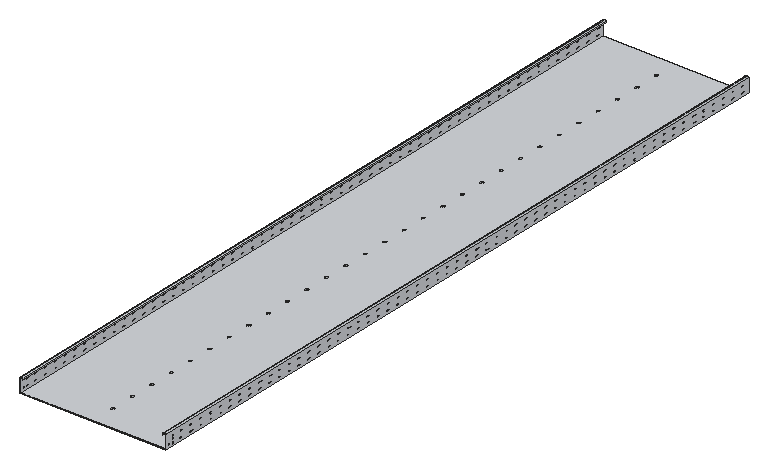
Revit family "Kabelrinne RKSM FT_615_620_630_640_650_660", category Generic Models, Revit 2017
Family settings
  Can host rebar = No
  Round Connector Dimension = Use Diameter
  Part Type = Normal
  Work Plane-Based = No
  Always vertical = Yes
  Cut with Voids When Loaded = No
  Shared = No
  Room Calculation Point = No
Parameters (values of type "RKSM 660 FT")
  Width 1 = Width / 2  # 300 mm
  Width = 600 mm
  URL = "http://www.obo-bettermann.com"
  Material = Hot-dip galvanised
  Manufacturer Art.No. = "6047736"
  Manufacturer = "OBO BETTERMANN"
  Length = 3000 mm
  GTIN = "4012195903994"
  Cut's space 2 = 50.8 mm
  Cut's space = 101.7 mm
  Cut's number 3 = (Length / Cut's space 2) - 1  # 58
  Cut's number 2 = 2
  Cut's number = Length / Cut's space  # 29
  Article Type = "RKSM 660 FT"
Reference planes
  plane 1 "Center (Front/Back)": y = 0
  plane 2: z = 0
  plane 3 "Center (Left/Right)": x = 0
  plane 4: z = 60
  plane 5: z = 51
  plane 6: x = -25
  plane 7: x = -25
  plane 8: z = -2.65
  plane 9: z = -3.65
  plane 10: y = 3000
  plane 11: y = 82.8
  plane 12: y = 133.6
  plane 13: x = 299
  plane 14: x = 300
  plane 15: x = -300
  plane 16: x = -299
  plane 17: x = -299
  plane 18: x = -300
  plane 19: x = -299
  plane 20: x = -300
  plane 21: x = -300
  plane 22: x = -299
  plane 23: x = 300
  plane 24: x = 299
  plane 25: x = -300
  plane 26: x = -299
Forms (mm)
  Extrusion 1, solid
    sketch origin (0, 0, 0) x (1, 0, 0) y (0, 0, 1)
      loop
        line (-300, 0) -> (300, 0) -> (300, 54.088)
        arc (300, 54.088) -> (294, 60.088) -> (288, 54.088) r 6
        line (288, 54.088) -> (288, 51) -> (289, 51) -> (289, 54.088)
        arc (289, 54.088) -> (294, 59.088) -> (299, 54.088) r 5
        line (299, 54.088) -> (299, 1) -> (-299, 1) -> (-299, 54.218)
        arc (-299, 54.218) -> (-294, 59.218) -> (-289, 54.218) r 5
        line (-289, 54.218) -> (-289, 51) -> (-288, 51) -> (-288, 54.218)
        arc (-288, 54.218) -> (-294, 60.218) -> (-300, 54.218) r 6
        line (-300, 54.218) -> (-300, 0)
    from 0 to -3000
  Extrusion 2, solid, not visible
    sketch origin (0, 0, 0) x (1, 0, 0) y (0, 1, 0)
      loop
        arc (-34.045, -114.18) -> (-25, -123.225) -> (-15.955, -114.18) r 9.045
        line (-15.955, -114.18) -> (-15.955, -89.18)
        arc (-15.955, -89.18) -> (-25, -80.135) -> (-34.045, -89.18) r 9.045
        line (-34.045, -89.18) -> (-34.045, -114.18)
    from -2.65 to 0
  Extrusion 3, void, not visible
    sketch origin (0, 0, 0) x (1, 0, 0) y (0, 1, 0)
      loop
        arc (-28.5, -114.18) -> (-25, -117.68) -> (-21.5, -114.18) r 3.5
        line (-21.5, -114.18) -> (-21.5, -89.18)
        arc (-21.5, -89.18) -> (-25, -85.68) -> (-28.5, -89.18) r 3.5
        line (-28.5, -89.18) -> (-28.5, -114.18)
    from -3.65 to 1
  Extrusion 4, void, not visible
    sketch origin (0, 0, 0) x (0, 1, 0) y (0, 0, 1)
      loop
        arc (-82.76, 16) -> (-86.26, 12.5) -> (-82.76, 9) r 3.5
        line (-82.76, 9) -> (-69.76, 9)
        arc (-69.76, 9) -> (-66.26, 12.5) -> (-69.76, 16) r 3.5
        line (-69.76, 16) -> (-82.76, 16)
    from 49 to 50
  Extrusion 5, void
    sketch origin (-225, 0, 0) x (0, 1, 0) y (0, 0, 1)
      loop
        line (82.8, 16) -> (69.8, 16)
        arc (69.8, 16) -> (66.3, 12.5) -> (69.8, 9) r 3.5
        line (69.8, 9) -> (82.8, 9)
        arc (82.8, 9) -> (86.3, 12.5) -> (82.8, 16) r 3.5
    from -75 to -74
  Extrusion 6, void, not visible
    sketch origin (25, 0, 0) x (0, 1, 0) y (0, 0, 1)
      loop
        line (82.76, 16) -> (69.76, 16)
        arc (69.76, 16) -> (66.26, 12.5) -> (69.76, 9) r 3.5
        line (69.76, 9) -> (82.76, 9)
        arc (82.76, 9) -> (86.26, 12.5) -> (82.76, 16) r 3.5
    from -75 to -74
  Extrusion 7, void, not visible
    sketch origin (-25, 0, 0) x (0, 1, 0) y (0, 0, 1)
      loop
        arc (69.76, 15.998) -> (66.26, 12.498) -> (69.76, 8.998) r 3.5
        line (69.76, 8.998) -> (82.76, 8.998)
        arc (82.76, 8.998) -> (86.26, 12.498) -> (82.76, 15.998) r 3.5
        line (82.76, 15.998) -> (69.76, 15.998)
    from 74 to 75
  Extrusion 8, void
    sketch origin (-225, 0, 25) x (0, 1, 0) y (0, 0, 1)
      loop
        line (82.8, 16) -> (69.8, 16)
        arc (69.8, 16) -> (66.3, 12.5) -> (69.8, 9) r 3.5
        line (69.8, 9) -> (82.8, 9)
        arc (82.8, 9) -> (86.3, 12.5) -> (82.8, 16) r 3.5
    from -75 to -74
  Extrusion 9, void, not visible
    sketch origin (25, 0, 0) x (0, 1, 0) y (0, 0, 1)
      loop
        line (82.8, 16) -> (69.8, 16)
        arc (69.8, 16) -> (66.3, 12.5) -> (69.8, 9) r 3.5
        line (69.8, 9) -> (82.8, 9)
        arc (82.8, 9) -> (86.3, 12.5) -> (82.8, 16) r 3.5
    from -75 to -74
  Extrusion 10, void
    sketch origin (230, 0, 0) x (0, 1, 0) y (0, 0, 1)
      loop
        arc (69.8, 16) -> (66.3, 12.5) -> (69.8, 9) r 3.5
        line (69.8, 9) -> (82.8, 9)
        arc (82.8, 9) -> (86.3, 12.5) -> (82.8, 16) r 3.5
        line (82.8, 16) -> (69.8, 16)
    from 69 to 70
  Extrusion 11, void
    sketch origin (230, 0, 25) x (0, 1, 0) y (0, 0, 1)
      loop
        arc (69.8, 16) -> (66.3, 12.5) -> (69.8, 9) r 3.5
        line (69.8, 9) -> (82.8, 9)
        arc (82.8, 9) -> (86.3, 12.5) -> (82.8, 16) r 3.5
        line (82.8, 16) -> (69.8, 16)
    from 69 to 70
  Extrusion 12, void, not visible
    sketch origin (0, 0, 0) x (0, 1, 0) y (0, 0, 1)
      loop
        arc (69.8, 16) -> (66.3, 12.5) -> (69.8, 9) r 3.5
        line (69.8, 9) -> (82.8, 9)
        arc (82.8, 9) -> (86.3, 12.5) -> (82.8, 16) r 3.5
        line (82.8, 16) -> (69.8, 16)
    from 69 to 70
  Extrusion 13, void
    sketch origin (230, 50.8, 0) x (0, 1, 0) y (0, 0, 1)
      loop
        arc (69.8, 16) -> (66.3, 12.5) -> (69.8, 9) r 3.5
        line (69.8, 9) -> (82.8, 9)
        arc (82.8, 9) -> (86.3, 12.5) -> (82.8, 16) r 3.5
        line (82.8, 16) -> (69.8, 16)
    from 69 to 70
  Extrusion 14, void
    sketch origin (230, 50.8, 25) x (0, 1, 0) y (0, 0, 1)
      loop
        arc (69.8, 16) -> (66.3, 12.5) -> (69.8, 9) r 3.5
        line (69.8, 9) -> (82.8, 9)
        arc (82.8, 9) -> (86.3, 12.5) -> (82.8, 16) r 3.5
        line (82.8, 16) -> (69.8, 16)
    from 69 to 70
  Extrusion 15, void
    sketch origin (230, 101.6, 0) x (0, 1, 0) y (0, 0, 1)
      loop
        arc (69.8, 16) -> (66.3, 12.5) -> (69.8, 9) r 3.5
        line (69.8, 9) -> (82.8, 9)
        arc (82.8, 9) -> (86.3, 12.5) -> (82.8, 16) r 3.5
        line (82.8, 16) -> (69.8, 16)
    from 69 to 70
  Extrusion 16, void
    sketch origin (230, 101.6, 25) x (0, 1, 0) y (0, 0, 1)
      loop
        arc (69.8, 16) -> (66.3, 12.5) -> (69.8, 9) r 3.5
        line (69.8, 9) -> (82.8, 9)
        arc (82.8, 9) -> (86.3, 12.5) -> (82.8, 16) r 3.5
        line (82.8, 16) -> (69.8, 16)
    from 69 to 70
  Extrusion 17, void
    sketch origin (230, 152.4, 0) x (0, 1, 0) y (0, 0, 1)
      loop
        arc (69.8, 16) -> (66.3, 12.5) -> (69.8, 9) r 3.5
        line (69.8, 9) -> (82.8, 9)
        arc (82.8, 9) -> (86.3, 12.5) -> (82.8, 16) r 3.5
        line (82.8, 16) -> (69.8, 16)
    from 69 to 70
  Extrusion 18, void
    sketch origin (230, 152.4, 25) x (0, 1, 0) y (0, 0, 1)
      loop
        arc (69.8, 16) -> (66.3, 12.5) -> (69.8, 9) r 3.5
        line (69.8, 9) -> (82.8, 9)
        arc (82.8, 9) -> (86.3, 12.5) -> (82.8, 16) r 3.5
        line (82.8, 16) -> (69.8, 16)
    from 69 to 70
  Extrusion 19, void
    sketch origin (-225, 50.8, 0) x (0, 1, 0) y (0, 0, 1)
      loop
        line (82.8, 16) -> (69.8, 16)
        arc (69.8, 16) -> (66.3, 12.5) -> (69.8, 9) r 3.5
        line (69.8, 9) -> (82.8, 9)
        arc (82.8, 9) -> (86.3, 12.5) -> (82.8, 16) r 3.5
    from -75 to -74
  Extrusion 20, void
    sketch origin (-225, 50.8, 25) x (0, 1, 0) y (0, 0, 1)
      loop
        line (82.8, 16) -> (69.8, 16)
        arc (69.8, 16) -> (66.3, 12.5) -> (69.8, 9) r 3.5
        line (69.8, 9) -> (82.8, 9)
        arc (82.8, 9) -> (86.3, 12.5) -> (82.8, 16) r 3.5
    from -75 to -74
  Extrusion 21, void
    sketch origin (-225, 101.6, 0) x (0, 1, 0) y (0, 0, 1)
      loop
        line (82.8, 16) -> (69.8, 16)
        arc (69.8, 16) -> (66.3, 12.5) -> (69.8, 9) r 3.5
        line (69.8, 9) -> (82.8, 9)
        arc (82.8, 9) -> (86.3, 12.5) -> (82.8, 16) r 3.5
    from -75 to -74
  Extrusion 22, void
    sketch origin (-225, 101.6, 25) x (0, 1, 0) y (0, 0, 1)
      loop
        line (82.8, 16) -> (69.8, 16)
        arc (69.8, 16) -> (66.3, 12.5) -> (69.8, 9) r 3.5
        line (69.8, 9) -> (82.8, 9)
        arc (82.8, 9) -> (86.3, 12.5) -> (82.8, 16) r 3.5
    from -75 to -74
  Extrusion 23, void
    sketch origin (-225, 152.4, 0) x (0, 1, 0) y (0, 0, 1)
      loop
        line (82.8, 16) -> (69.8, 16)
        arc (69.8, 16) -> (66.3, 12.5) -> (69.8, 9) r 3.5
        line (69.8, 9) -> (82.8, 9)
        arc (82.8, 9) -> (86.3, 12.5) -> (82.8, 16) r 3.5
    from -75 to -74
  Extrusion 24, void
    sketch origin (-225, 152.4, 25) x (0, 1, 0) y (0, 0, 1)
      loop
        line (82.8, 16) -> (69.8, 16)
        arc (69.8, 16) -> (66.3, 12.5) -> (69.8, 9) r 3.5
        line (69.8, 9) -> (82.8, 9)
        arc (82.8, 9) -> (86.3, 12.5) -> (82.8, 16) r 3.5
    from -75 to -74
  Extrusion 25, void
    sketch origin (-225, 203.2, 0) x (0, 1, 0) y (0, 0, 1)
      loop
        line (82.8, 16) -> (69.8, 16)
        arc (69.8, 16) -> (66.3, 12.5) -> (69.8, 9) r 3.5
        line (69.8, 9) -> (82.8, 9)
        arc (82.8, 9) -> (86.3, 12.5) -> (82.8, 16) r 3.5
    from -75 to -74
  Extrusion 26, void
    sketch origin (-225, 203.2, 25) x (0, 1, 0) y (0, 0, 1)
      loop
        line (82.8, 16) -> (69.8, 16)
        arc (69.8, 16) -> (66.3, 12.5) -> (69.8, 9) r 3.5
        line (69.8, 9) -> (82.8, 9)
        arc (82.8, 9) -> (86.3, 12.5) -> (82.8, 16) r 3.5
    from -75 to -74
  Extrusion 27, void
    sketch origin (230, 203.2, 0) x (0, 1, 0) y (0, 0, 1)
      loop
        arc (69.8, 16) -> (66.3, 12.5) -> (69.8, 9) r 3.5
        line (69.8, 9) -> (82.8, 9)
        arc (82.8, 9) -> (86.3, 12.5) -> (82.8, 16) r 3.5
        line (82.8, 16) -> (69.8, 16)
    from 69 to 70
  Extrusion 28, void
    sketch origin (230, 203.2, 25) x (0, 1, 0) y (0, 0, 1)
      loop
        arc (69.8, 16) -> (66.3, 12.5) -> (69.8, 9) r 3.5
        line (69.8, 9) -> (82.8, 9)
        arc (82.8, 9) -> (86.3, 12.5) -> (82.8, 16) r 3.5
        line (82.8, 16) -> (69.8, 16)
    from 69 to 70
  Extrusion 29, void
    sketch origin (-225, 254, 0) x (0, 1, 0) y (0, 0, 1)
      loop
        line (82.8, 16) -> (69.8, 16)
        arc (69.8, 16) -> (66.3, 12.5) -> (69.8, 9) r 3.5
        line (69.8, 9) -> (82.8, 9)
        arc (82.8, 9) -> (86.3, 12.5) -> (82.8, 16) r 3.5
    from -75 to -74
  Extrusion 30, void
    sketch origin (-225, 254, 25) x (0, 1, 0) y (0, 0, 1)
      loop
        line (82.8, 16) -> (69.8, 16)
        arc (69.8, 16) -> (66.3, 12.5) -> (69.8, 9) r 3.5
        line (69.8, 9) -> (82.8, 9)
        arc (82.8, 9) -> (86.3, 12.5) -> (82.8, 16) r 3.5
    from -75 to -74
  Extrusion 31, void
    sketch origin (-225, 304.8, 0) x (0, 1, 0) y (0, 0, 1)
      loop
        line (82.8, 16) -> (69.8, 16)
        arc (69.8, 16) -> (66.3, 12.5) -> (69.8, 9) r 3.5
        line (69.8, 9) -> (82.8, 9)
        arc (82.8, 9) -> (86.3, 12.5) -> (82.8, 16) r 3.5
    from -75 to -74
  Extrusion 32, void
    sketch origin (-225, 304.8, 25) x (0, 1, 0) y (0, 0, 1)
      loop
        line (82.8, 16) -> (69.8, 16)
        arc (69.8, 16) -> (66.3, 12.5) -> (69.8, 9) r 3.5
        line (69.8, 9) -> (82.8, 9)
        arc (82.8, 9) -> (86.3, 12.5) -> (82.8, 16) r 3.5
    from -75 to -74
  Extrusion 33, void
    sketch origin (-225, 355.6, 0) x (0, 1, 0) y (0, 0, 1)
      loop
        line (82.8, 16) -> (69.8, 16)
        arc (69.8, 16) -> (66.3, 12.5) -> (69.8, 9) r 3.5
        line (69.8, 9) -> (82.8, 9)
        arc (82.8, 9) -> (86.3, 12.5) -> (82.8, 16) r 3.5
    from -75 to -74
  Extrusion 34, void
    sketch origin (-225, 355.6, 25) x (0, 1, 0) y (0, 0, 1)
      loop
        line (82.8, 16) -> (69.8, 16)
        arc (69.8, 16) -> (66.3, 12.5) -> (69.8, 9) r 3.5
        line (69.8, 9) -> (82.8, 9)
        arc (82.8, 9) -> (86.3, 12.5) -> (82.8, 16) r 3.5
    from -75 to -74
  Extrusion 35, void
    sketch origin (-225, 406.4, 0) x (0, 1, 0) y (0, 0, 1)
      loop
        line (82.8, 16) -> (69.8, 16)
        arc (69.8, 16) -> (66.3, 12.5) -> (69.8, 9) r 3.5
        line (69.8, 9) -> (82.8, 9)
        arc (82.8, 9) -> (86.3, 12.5) -> (82.8, 16) r 3.5
    from -75 to -74
  Extrusion 36, void
    sketch origin (-225, 406.4, 25) x (0, 1, 0) y (0, 0, 1)
      loop
        line (82.8, 16) -> (69.8, 16)
        arc (69.8, 16) -> (66.3, 12.5) -> (69.8, 9) r 3.5
        line (69.8, 9) -> (82.8, 9)
        arc (82.8, 9) -> (86.3, 12.5) -> (82.8, 16) r 3.5
    from -75 to -74
  Extrusion 37, void
    sketch origin (-225, 457.2, 0) x (0, 1, 0) y (0, 0, 1)
      loop
        line (82.8, 16) -> (69.8, 16)
        arc (69.8, 16) -> (66.3, 12.5) -> (69.8, 9) r 3.5
        line (69.8, 9) -> (82.8, 9)
        arc (82.8, 9) -> (86.3, 12.5) -> (82.8, 16) r 3.5
    from -75 to -74
  Extrusion 38, void
    sketch origin (-225, 457.2, 25) x (0, 1, 0) y (0, 0, 1)
      loop
        line (82.8, 16) -> (69.8, 16)
        arc (69.8, 16) -> (66.3, 12.5) -> (69.8, 9) r 3.5
        line (69.8, 9) -> (82.8, 9)
        arc (82.8, 9) -> (86.3, 12.5) -> (82.8, 16) r 3.5
    from -75 to -74
  Extrusion 39, void
    sketch origin (-225, 508, 0) x (0, 1, 0) y (0, 0, 1)
      loop
        line (82.8, 16) -> (69.8, 16)
        arc (69.8, 16) -> (66.3, 12.5) -> (69.8, 9) r 3.5
        line (69.8, 9) -> (82.8, 9)
        arc (82.8, 9) -> (86.3, 12.5) -> (82.8, 16) r 3.5
    from -75 to -74
  Extrusion 40, void
    sketch origin (-225, 508, 25) x (0, 1, 0) y (0, 0, 1)
      loop
        line (82.8, 16) -> (69.8, 16)
        arc (69.8, 16) -> (66.3, 12.5) -> (69.8, 9) r 3.5
        line (69.8, 9) -> (82.8, 9)
        arc (82.8, 9) -> (86.3, 12.5) -> (82.8, 16) r 3.5
    from -75 to -74
  Extrusion 41, void
    sketch origin (-225, 558.8, 0) x (0, 1, 0) y (0, 0, 1)
      loop
        line (82.8, 16) -> (69.8, 16)
        arc (69.8, 16) -> (66.3, 12.5) -> (69.8, 9) r 3.5
        line (69.8, 9) -> (82.8, 9)
        arc (82.8, 9) -> (86.3, 12.5) -> (82.8, 16) r 3.5
    from -75 to -74
  Extrusion 42, void
    sketch origin (-225, 558.8, 25) x (0, 1, 0) y (0, 0, 1)
      loop
        line (82.8, 16) -> (69.8, 16)
        arc (69.8, 16) -> (66.3, 12.5) -> (69.8, 9) r 3.5
        line (69.8, 9) -> (82.8, 9)
        arc (82.8, 9) -> (86.3, 12.5) -> (82.8, 16) r 3.5
    from -75 to -74
  Extrusion 43, void
    sketch origin (-225, 609.6, 0) x (0, 1, 0) y (0, 0, 1)
      loop
        line (82.8, 16) -> (69.8, 16)
        arc (69.8, 16) -> (66.3, 12.5) -> (69.8, 9) r 3.5
        line (69.8, 9) -> (82.8, 9)
        arc (82.8, 9) -> (86.3, 12.5) -> (82.8, 16) r 3.5
    from -75 to -74
  Extrusion 44, void
    sketch origin (-225, 609.6, 25) x (0, 1, 0) y (0, 0, 1)
      loop
        line (82.8, 16) -> (69.8, 16)
        arc (69.8, 16) -> (66.3, 12.5) -> (69.8, 9) r 3.5
        line (69.8, 9) -> (82.8, 9)
        arc (82.8, 9) -> (86.3, 12.5) -> (82.8, 16) r 3.5
    from -75 to -74
  Extrusion 45, void
    sketch origin (-225, 660.4, 0) x (0, 1, 0) y (0, 0, 1)
      loop
        line (82.8, 16) -> (69.8, 16)
        arc (69.8, 16) -> (66.3, 12.5) -> (69.8, 9) r 3.5
        line (69.8, 9) -> (82.8, 9)
        arc (82.8, 9) -> (86.3, 12.5) -> (82.8, 16) r 3.5
    from -75 to -74
  Extrusion 46, void
    sketch origin (-225, 660.4, 25) x (0, 1, 0) y (0, 0, 1)
      loop
        line (82.8, 16) -> (69.8, 16)
        arc (69.8, 16) -> (66.3, 12.5) -> (69.8, 9) r 3.5
        line (69.8, 9) -> (82.8, 9)
        arc (82.8, 9) -> (86.3, 12.5) -> (82.8, 16) r 3.5
    from -75 to -74
  Extrusion 47, void
    sketch origin (-225, 711.2, 0) x (0, 1, 0) y (0, 0, 1)
      loop
        line (82.8, 16) -> (69.8, 16)
        arc (69.8, 16) -> (66.3, 12.5) -> (69.8, 9) r 3.5
        line (69.8, 9) -> (82.8, 9)
        arc (82.8, 9) -> (86.3, 12.5) -> (82.8, 16) r 3.5
    from -75 to -74
  Extrusion 48, void
    sketch origin (-225, 711.2, 25) x (0, 1, 0) y (0, 0, 1)
      loop
        line (82.8, 16) -> (69.8, 16)
        arc (69.8, 16) -> (66.3, 12.5) -> (69.8, 9) r 3.5
        line (69.8, 9) -> (82.8, 9)
        arc (82.8, 9) -> (86.3, 12.5) -> (82.8, 16) r 3.5
    from -75 to -74
  Extrusion 49, void
    sketch origin (-225, 762, 0) x (0, 1, 0) y (0, 0, 1)
      loop
        line (82.8, 16) -> (69.8, 16)
        arc (69.8, 16) -> (66.3, 12.5) -> (69.8, 9) r 3.5
        line (69.8, 9) -> (82.8, 9)
        arc (82.8, 9) -> (86.3, 12.5) -> (82.8, 16) r 3.5
    from -75 to -74
  Extrusion 50, void
    sketch origin (-225, 762, 25) x (0, 1, 0) y (0, 0, 1)
      loop
        line (82.8, 16) -> (69.8, 16)
        arc (69.8, 16) -> (66.3, 12.5) -> (69.8, 9) r 3.5
        line (69.8, 9) -> (82.8, 9)
        arc (82.8, 9) -> (86.3, 12.5) -> (82.8, 16) r 3.5
    from -75 to -74
  Extrusion 51, void
    sketch origin (-225, 812.8, 0) x (0, 1, 0) y (0, 0, 1)
      loop
        line (82.8, 16) -> (69.8, 16)
        arc (69.8, 16) -> (66.3, 12.5) -> (69.8, 9) r 3.5
        line (69.8, 9) -> (82.8, 9)
        arc (82.8, 9) -> (86.3, 12.5) -> (82.8, 16) r 3.5
    from -75 to -74
  Extrusion 52, void
    sketch origin (-225, 812.8, 25) x (0, 1, 0) y (0, 0, 1)
      loop
        line (82.8, 16) -> (69.8, 16)
        arc (69.8, 16) -> (66.3, 12.5) -> (69.8, 9) r 3.5
        line (69.8, 9) -> (82.8, 9)
        arc (82.8, 9) -> (86.3, 12.5) -> (82.8, 16) r 3.5
    from -75 to -74
  Extrusion 53, void
    sketch origin (-225, 863.6, 0) x (0, 1, 0) y (0, 0, 1)
      loop
        line (82.8, 16) -> (69.8, 16)
        arc (69.8, 16) -> (66.3, 12.5) -> (69.8, 9) r 3.5
        line (69.8, 9) -> (82.8, 9)
        arc (82.8, 9) -> (86.3, 12.5) -> (82.8, 16) r 3.5
    from -75 to -74
  Extrusion 54, void
    sketch origin (-225, 863.6, 25) x (0, 1, 0) y (0, 0, 1)
      loop
        line (82.8, 16) -> (69.8, 16)
        arc (69.8, 16) -> (66.3, 12.5) -> (69.8, 9) r 3.5
        line (69.8, 9) -> (82.8, 9)
        arc (82.8, 9) -> (86.3, 12.5) -> (82.8, 16) r 3.5
    from -75 to -74
  Extrusion 55, void
    sketch origin (-225, 914.4, 0) x (0, 1, 0) y (0, 0, 1)
      loop
        line (82.8, 16) -> (69.8, 16)
        arc (69.8, 16) -> (66.3, 12.5) -> (69.8, 9) r 3.5
        line (69.8, 9) -> (82.8, 9)
        arc (82.8, 9) -> (86.3, 12.5) -> (82.8, 16) r 3.5
    from -75 to -74
  Extrusion 56, void
    sketch origin (-225, 914.4, 25) x (0, 1, 0) y (0, 0, 1)
      loop
        line (82.8, 16) -> (69.8, 16)
        arc (69.8, 16) -> (66.3, 12.5) -> (69.8, 9) r 3.5
        line (69.8, 9) -> (82.8, 9)
        arc (82.8, 9) -> (86.3, 12.5) -> (82.8, 16) r 3.5
    from -75 to -74
  Extrusion 57, void
    sketch origin (-225, 965.2, 0) x (0, 1, 0) y (0, 0, 1)
      loop
        line (82.8, 16) -> (69.8, 16)
        arc (69.8, 16) -> (66.3, 12.5) -> (69.8, 9) r 3.5
        line (69.8, 9) -> (82.8, 9)
        arc (82.8, 9) -> (86.3, 12.5) -> (82.8, 16) r 3.5
    from -75 to -74
  Extrusion 58, void
    sketch origin (-225, 965.2, 25) x (0, 1, 0) y (0, 0, 1)
      loop
        line (82.8, 16) -> (69.8, 16)
        arc (69.8, 16) -> (66.3, 12.5) -> (69.8, 9) r 3.5
        line (69.8, 9) -> (82.8, 9)
        arc (82.8, 9) -> (86.3, 12.5) -> (82.8, 16) r 3.5
    from -75 to -74
  Extrusion 59, void
    sketch origin (-225, 1016, 0) x (0, 1, 0) y (0, 0, 1)
      loop
        line (82.8, 16) -> (69.8, 16)
        arc (69.8, 16) -> (66.3, 12.5) -> (69.8, 9) r 3.5
        line (69.8, 9) -> (82.8, 9)
        arc (82.8, 9) -> (86.3, 12.5) -> (82.8, 16) r 3.5
    from -75 to -74
  Extrusion 60, void
    sketch origin (-225, 1016, 25) x (0, 1, 0) y (0, 0, 1)
      loop
        line (82.8, 16) -> (69.8, 16)
        arc (69.8, 16) -> (66.3, 12.5) -> (69.8, 9) r 3.5
        line (69.8, 9) -> (82.8, 9)
        arc (82.8, 9) -> (86.3, 12.5) -> (82.8, 16) r 3.5
    from -75 to -74
  Extrusion 61, void
    sketch origin (-225, 1066.8, 0) x (0, 1, 0) y (0, 0, 1)
      loop
        line (82.8, 16) -> (69.8, 16)
        arc (69.8, 16) -> (66.3, 12.5) -> (69.8, 9) r 3.5
        line (69.8, 9) -> (82.8, 9)
        arc (82.8, 9) -> (86.3, 12.5) -> (82.8, 16) r 3.5
    from -75 to -74
  Extrusion 62, void
    sketch origin (-225, 1066.8, 25) x (0, 1, 0) y (0, 0, 1)
      loop
        line (82.8, 16) -> (69.8, 16)
        arc (69.8, 16) -> (66.3, 12.5) -> (69.8, 9) r 3.5
        line (69.8, 9) -> (82.8, 9)
        arc (82.8, 9) -> (86.3, 12.5) -> (82.8, 16) r 3.5
    from -75 to -74
  Extrusion 63, void
    sketch origin (-225, 1117.6, 0) x (0, 1, 0) y (0, 0, 1)
      loop
        line (82.8, 16) -> (69.8, 16)
        arc (69.8, 16) -> (66.3, 12.5) -> (69.8, 9) r 3.5
        line (69.8, 9) -> (82.8, 9)
        arc (82.8, 9) -> (86.3, 12.5) -> (82.8, 16) r 3.5
    from -75 to -74
  Extrusion 64, void
    sketch origin (-225, 1117.6, 25) x (0, 1, 0) y (0, 0, 1)
      loop
        line (82.8, 16) -> (69.8, 16)
        arc (69.8, 16) -> (66.3, 12.5) -> (69.8, 9) r 3.5
        line (69.8, 9) -> (82.8, 9)
        arc (82.8, 9) -> (86.3, 12.5) -> (82.8, 16) r 3.5
    from -75 to -74
  Extrusion 65, void
    sketch origin (-225, 1168.4, 0) x (0, 1, 0) y (0, 0, 1)
      loop
        line (82.8, 16) -> (69.8, 16)
        arc (69.8, 16) -> (66.3, 12.5) -> (69.8, 9) r 3.5
        line (69.8, 9) -> (82.8, 9)
        arc (82.8, 9) -> (86.3, 12.5) -> (82.8, 16) r 3.5
    from -75 to -74
  Extrusion 66, void
    sketch origin (-225, 1168.4, 25) x (0, 1, 0) y (0, 0, 1)
      loop
        line (82.8, 16) -> (69.8, 16)
        arc (69.8, 16) -> (66.3, 12.5) -> (69.8, 9) r 3.5
        line (69.8, 9) -> (82.8, 9)
        arc (82.8, 9) -> (86.3, 12.5) -> (82.8, 16) r 3.5
    from -75 to -74
  Extrusion 67, void
    sketch origin (-225, 1219.2, 0) x (0, 1, 0) y (0, 0, 1)
      loop
        line (82.8, 16) -> (69.8, 16)
        arc (69.8, 16) -> (66.3, 12.5) -> (69.8, 9) r 3.5
        line (69.8, 9) -> (82.8, 9)
        arc (82.8, 9) -> (86.3, 12.5) -> (82.8, 16) r 3.5
    from -75 to -74
  Extrusion 68, void
    sketch origin (-225, 1219.2, 25) x (0, 1, 0) y (0, 0, 1)
      loop
        line (82.8, 16) -> (69.8, 16)
        arc (69.8, 16) -> (66.3, 12.5) -> (69.8, 9) r 3.5
        line (69.8, 9) -> (82.8, 9)
        arc (82.8, 9) -> (86.3, 12.5) -> (82.8, 16) r 3.5
    from -75 to -74
  Extrusion 69, void
    sketch origin (-225, 1270, 0) x (0, 1, 0) y (0, 0, 1)
      loop
        line (82.8, 16) -> (69.8, 16)
        arc (69.8, 16) -> (66.3, 12.5) -> (69.8, 9) r 3.5
        line (69.8, 9) -> (82.8, 9)
        arc (82.8, 9) -> (86.3, 12.5) -> (82.8, 16) r 3.5
    from -75 to -74
  Extrusion 70, void
    sketch origin (-225, 1270, 25) x (0, 1, 0) y (0, 0, 1)
      loop
        line (82.8, 16) -> (69.8, 16)
        arc (69.8, 16) -> (66.3, 12.5) -> (69.8, 9) r 3.5
        line (69.8, 9) -> (82.8, 9)
        arc (82.8, 9) -> (86.3, 12.5) -> (82.8, 16) r 3.5
    from -75 to -74
  Extrusion 71, void
    sketch origin (-225, 1320.8, 0) x (0, 1, 0) y (0, 0, 1)
      loop
        line (82.8, 16) -> (69.8, 16)
        arc (69.8, 16) -> (66.3, 12.5) -> (69.8, 9) r 3.5
        line (69.8, 9) -> (82.8, 9)
        arc (82.8, 9) -> (86.3, 12.5) -> (82.8, 16) r 3.5
    from -75 to -74
  Extrusion 72, void
    sketch origin (-225, 1320.8, 25) x (0, 1, 0) y (0, 0, 1)
      loop
        line (82.8, 16) -> (69.8, 16)
        arc (69.8, 16) -> (66.3, 12.5) -> (69.8, 9) r 3.5
        line (69.8, 9) -> (82.8, 9)
        arc (82.8, 9) -> (86.3, 12.5) -> (82.8, 16) r 3.5
    from -75 to -74
  Extrusion 73, void
    sketch origin (-225, 1371.6, 0) x (0, 1, 0) y (0, 0, 1)
      loop
        line (82.8, 16) -> (69.8, 16)
        arc (69.8, 16) -> (66.3, 12.5) -> (69.8, 9) r 3.5
        line (69.8, 9) -> (82.8, 9)
        arc (82.8, 9) -> (86.3, 12.5) -> (82.8, 16) r 3.5
    from -75 to -74
  Extrusion 74, void
    sketch origin (-225, 1371.6, 25) x (0, 1, 0) y (0, 0, 1)
      loop
        line (82.8, 16) -> (69.8, 16)
        arc (69.8, 16) -> (66.3, 12.5) -> (69.8, 9) r 3.5
        line (69.8, 9) -> (82.8, 9)
        arc (82.8, 9) -> (86.3, 12.5) -> (82.8, 16) r 3.5
    from -75 to -74
  Extrusion 75, void
    sketch origin (-225, 1422.4, 0) x (0, 1, 0) y (0, 0, 1)
      loop
        line (82.8, 16) -> (69.8, 16)
        arc (69.8, 16) -> (66.3, 12.5) -> (69.8, 9) r 3.5
        line (69.8, 9) -> (82.8, 9)
        arc (82.8, 9) -> (86.3, 12.5) -> (82.8, 16) r 3.5
    from -75 to -74
  Extrusion 76, void
    sketch origin (-225, 1422.4, 25) x (0, 1, 0) y (0, 0, 1)
      loop
        line (82.8, 16) -> (69.8, 16)
        arc (69.8, 16) -> (66.3, 12.5) -> (69.8, 9) r 3.5
        line (69.8, 9) -> (82.8, 9)
        arc (82.8, 9) -> (86.3, 12.5) -> (82.8, 16) r 3.5
    from -75 to -74
  Extrusion 77, void
    sketch origin (-225, 1473.2, 0) x (0, 1, 0) y (0, 0, 1)
      loop
        line (82.8, 16) -> (69.8, 16)
        arc (69.8, 16) -> (66.3, 12.5) -> (69.8, 9) r 3.5
        line (69.8, 9) -> (82.8, 9)
        arc (82.8, 9) -> (86.3, 12.5) -> (82.8, 16) r 3.5
    from -75 to -74
  Extrusion 78, void
    sketch origin (-225, 1473.2, 25) x (0, 1, 0) y (0, 0, 1)
      loop
        line (82.8, 16) -> (69.8, 16)
        arc (69.8, 16) -> (66.3, 12.5) -> (69.8, 9) r 3.5
        line (69.8, 9) -> (82.8, 9)
        arc (82.8, 9) -> (86.3, 12.5) -> (82.8, 16) r 3.5
    from -75 to -74
  Extrusion 79, void
    sketch origin (-225, 1524, 0) x (0, 1, 0) y (0, 0, 1)
      loop
        line (82.8, 16) -> (69.8, 16)
        arc (69.8, 16) -> (66.3, 12.5) -> (69.8, 9) r 3.5
        line (69.8, 9) -> (82.8, 9)
        arc (82.8, 9) -> (86.3, 12.5) -> (82.8, 16) r 3.5
    from -75 to -74
  Extrusion 80, void
    sketch origin (-225, 1524, 25) x (0, 1, 0) y (0, 0, 1)
      loop
        line (82.8, 16) -> (69.8, 16)
        arc (69.8, 16) -> (66.3, 12.5) -> (69.8, 9) r 3.5
        line (69.8, 9) -> (82.8, 9)
        arc (82.8, 9) -> (86.3, 12.5) -> (82.8, 16) r 3.5
    from -75 to -74
  Extrusion 81, void
    sketch origin (-225, 1574.8, 0) x (0, 1, 0) y (0, 0, 1)
      loop
        line (82.8, 16) -> (69.8, 16)
        arc (69.8, 16) -> (66.3, 12.5) -> (69.8, 9) r 3.5
        line (69.8, 9) -> (82.8, 9)
        arc (82.8, 9) -> (86.3, 12.5) -> (82.8, 16) r 3.5
    from -75 to -74
  Extrusion 82, void
    sketch origin (-225, 1574.8, 25) x (0, 1, 0) y (0, 0, 1)
      loop
        line (82.8, 16) -> (69.8, 16)
        arc (69.8, 16) -> (66.3, 12.5) -> (69.8, 9) r 3.5
        line (69.8, 9) -> (82.8, 9)
        arc (82.8, 9) -> (86.3, 12.5) -> (82.8, 16) r 3.5
    from -75 to -74
  Extrusion 83, void
    sketch origin (-225, 1625.6, 0) x (0, 1, 0) y (0, 0, 1)
      loop
        line (82.8, 16) -> (69.8, 16)
        arc (69.8, 16) -> (66.3, 12.5) -> (69.8, 9) r 3.5
        line (69.8, 9) -> (82.8, 9)
        arc (82.8, 9) -> (86.3, 12.5) -> (82.8, 16) r 3.5
    from -75 to -74
  Extrusion 84, void
    sketch origin (-225, 1625.6, 25) x (0, 1, 0) y (0, 0, 1)
      loop
        line (82.8, 16) -> (69.8, 16)
        arc (69.8, 16) -> (66.3, 12.5) -> (69.8, 9) r 3.5
        line (69.8, 9) -> (82.8, 9)
        arc (82.8, 9) -> (86.3, 12.5) -> (82.8, 16) r 3.5
    from -75 to -74
  Extrusion 85, void
    sketch origin (-225, 1676.4, 0) x (0, 1, 0) y (0, 0, 1)
      loop
        line (82.8, 16) -> (69.8, 16)
        arc (69.8, 16) -> (66.3, 12.5) -> (69.8, 9) r 3.5
        line (69.8, 9) -> (82.8, 9)
        arc (82.8, 9) -> (86.3, 12.5) -> (82.8, 16) r 3.5
    from -75 to -74
  Extrusion 86, void
    sketch origin (-225, 1676.4, 25) x (0, 1, 0) y (0, 0, 1)
      loop
        line (82.8, 16) -> (69.8, 16)
        arc (69.8, 16) -> (66.3, 12.5) -> (69.8, 9) r 3.5
        line (69.8, 9) -> (82.8, 9)
        arc (82.8, 9) -> (86.3, 12.5) -> (82.8, 16) r 3.5
    from -75 to -74
  Extrusion 87, void
    sketch origin (-225, 1727.2, 0) x (0, 1, 0) y (0, 0, 1)
      loop
        line (82.8, 16) -> (69.8, 16)
        arc (69.8, 16) -> (66.3, 12.5) -> (69.8, 9) r 3.5
        line (69.8, 9) -> (82.8, 9)
        arc (82.8, 9) -> (86.3, 12.5) -> (82.8, 16) r 3.5
    from -75 to -74
  Extrusion 88, void
    sketch origin (-225, 1727.2, 25) x (0, 1, 0) y (0, 0, 1)
      loop
        line (82.8, 16) -> (69.8, 16)
        arc (69.8, 16) -> (66.3, 12.5) -> (69.8, 9) r 3.5
        line (69.8, 9) -> (82.8, 9)
        arc (82.8, 9) -> (86.3, 12.5) -> (82.8, 16) r 3.5
    from -75 to -74
  Extrusion 89, void
    sketch origin (-225, 1778, 0) x (0, 1, 0) y (0, 0, 1)
      loop
        line (82.8, 16) -> (69.8, 16)
        arc (69.8, 16) -> (66.3, 12.5) -> (69.8, 9) r 3.5
        line (69.8, 9) -> (82.8, 9)
        arc (82.8, 9) -> (86.3, 12.5) -> (82.8, 16) r 3.5
    from -75 to -74
  Extrusion 90, void
    sketch origin (-225, 1778, 25) x (0, 1, 0) y (0, 0, 1)
      loop
        line (82.8, 16) -> (69.8, 16)
        arc (69.8, 16) -> (66.3, 12.5) -> (69.8, 9) r 3.5
        line (69.8, 9) -> (82.8, 9)
        arc (82.8, 9) -> (86.3, 12.5) -> (82.8, 16) r 3.5
    from -75 to -74
  Extrusion 91, void
    sketch origin (-225, 1828.8, 0) x (0, 1, 0) y (0, 0, 1)
      loop
        line (82.8, 16) -> (69.8, 16)
        arc (69.8, 16) -> (66.3, 12.5) -> (69.8, 9) r 3.5
        line (69.8, 9) -> (82.8, 9)
        arc (82.8, 9) -> (86.3, 12.5) -> (82.8, 16) r 3.5
    from -75 to -74
  Extrusion 92, void
    sketch origin (-225, 1828.8, 25) x (0, 1, 0) y (0, 0, 1)
      loop
        line (82.8, 16) -> (69.8, 16)
        arc (69.8, 16) -> (66.3, 12.5) -> (69.8, 9) r 3.5
        line (69.8, 9) -> (82.8, 9)
        arc (82.8, 9) -> (86.3, 12.5) -> (82.8, 16) r 3.5
    from -75 to -74
  Extrusion 93, void
    sketch origin (-225, 1879.6, 0) x (0, 1, 0) y (0, 0, 1)
      loop
        line (82.8, 16) -> (69.8, 16)
        arc (69.8, 16) -> (66.3, 12.5) -> (69.8, 9) r 3.5
        line (69.8, 9) -> (82.8, 9)
        arc (82.8, 9) -> (86.3, 12.5) -> (82.8, 16) r 3.5
    from -75 to -74
  Extrusion 94, void
    sketch origin (-225, 1879.6, 25) x (0, 1, 0) y (0, 0, 1)
      loop
        line (82.8, 16) -> (69.8, 16)
        arc (69.8, 16) -> (66.3, 12.5) -> (69.8, 9) r 3.5
        line (69.8, 9) -> (82.8, 9)
        arc (82.8, 9) -> (86.3, 12.5) -> (82.8, 16) r 3.5
    from -75 to -74
  Extrusion 95, void
    sketch origin (-225, 1930.4, 0) x (0, 1, 0) y (0, 0, 1)
      loop
        line (82.8, 16) -> (69.8, 16)
        arc (69.8, 16) -> (66.3, 12.5) -> (69.8, 9) r 3.5
        line (69.8, 9) -> (82.8, 9)
        arc (82.8, 9) -> (86.3, 12.5) -> (82.8, 16) r 3.5
    from -75 to -74
  Extrusion 96, void
    sketch origin (-225, 1930.4, 25) x (0, 1, 0) y (0, 0, 1)
      loop
        line (82.8, 16) -> (69.8, 16)
        arc (69.8, 16) -> (66.3, 12.5) -> (69.8, 9) r 3.5
        line (69.8, 9) -> (82.8, 9)
        arc (82.8, 9) -> (86.3, 12.5) -> (82.8, 16) r 3.5
    from -75 to -74
  Extrusion 97, void
    sketch origin (-225, 1981.2, 0) x (0, 1, 0) y (0, 0, 1)
      loop
        line (82.8, 16) -> (69.8, 16)
        arc (69.8, 16) -> (66.3, 12.5) -> (69.8, 9) r 3.5
        line (69.8, 9) -> (82.8, 9)
        arc (82.8, 9) -> (86.3, 12.5) -> (82.8, 16) r 3.5
    from -75 to -74
  Extrusion 98, void
    sketch origin (-225, 1981.2, 25) x (0, 1, 0) y (0, 0, 1)
      loop
        line (82.8, 16) -> (69.8, 16)
        arc (69.8, 16) -> (66.3, 12.5) -> (69.8, 9) r 3.5
        line (69.8, 9) -> (82.8, 9)
        arc (82.8, 9) -> (86.3, 12.5) -> (82.8, 16) r 3.5
    from -75 to -74
  Extrusion 99, void
    sketch origin (-225, 2032, 0) x (0, 1, 0) y (0, 0, 1)
      loop
        line (82.8, 16) -> (69.8, 16)
        arc (69.8, 16) -> (66.3, 12.5) -> (69.8, 9) r 3.5
        line (69.8, 9) -> (82.8, 9)
        arc (82.8, 9) -> (86.3, 12.5) -> (82.8, 16) r 3.5
    from -75 to -74
  Extrusion 100, void
    sketch origin (-225, 2032, 25) x (0, 1, 0) y (0, 0, 1)
      loop
        line (82.8, 16) -> (69.8, 16)
        arc (69.8, 16) -> (66.3, 12.5) -> (69.8, 9) r 3.5
        line (69.8, 9) -> (82.8, 9)
        arc (82.8, 9) -> (86.3, 12.5) -> (82.8, 16) r 3.5
    from -75 to -74
  Extrusion 101, void
    sketch origin (-225, 2082.8, 0) x (0, 1, 0) y (0, 0, 1)
      loop
        line (82.8, 16) -> (69.8, 16)
        arc (69.8, 16) -> (66.3, 12.5) -> (69.8, 9) r 3.5
        line (69.8, 9) -> (82.8, 9)
        arc (82.8, 9) -> (86.3, 12.5) -> (82.8, 16) r 3.5
    from -75 to -74
  Extrusion 102, void
    sketch origin (-225, 2082.8, 25) x (0, 1, 0) y (0, 0, 1)
      loop
        line (82.8, 16) -> (69.8, 16)
        arc (69.8, 16) -> (66.3, 12.5) -> (69.8, 9) r 3.5
        line (69.8, 9) -> (82.8, 9)
        arc (82.8, 9) -> (86.3, 12.5) -> (82.8, 16) r 3.5
    from -75 to -74
  Extrusion 103, void
    sketch origin (-225, 2133.6, 0) x (0, 1, 0) y (0, 0, 1)
      loop
        line (82.8, 16) -> (69.8, 16)
        arc (69.8, 16) -> (66.3, 12.5) -> (69.8, 9) r 3.5
        line (69.8, 9) -> (82.8, 9)
        arc (82.8, 9) -> (86.3, 12.5) -> (82.8, 16) r 3.5
    from -75 to -74
  Extrusion 104, void
    sketch origin (-225, 2133.6, 25) x (0, 1, 0) y (0, 0, 1)
      loop
        line (82.8, 16) -> (69.8, 16)
        arc (69.8, 16) -> (66.3, 12.5) -> (69.8, 9) r 3.5
        line (69.8, 9) -> (82.8, 9)
        arc (82.8, 9) -> (86.3, 12.5) -> (82.8, 16) r 3.5
    from -75 to -74
  Extrusion 105, void
    sketch origin (-225, 2184.4, 0) x (0, 1, 0) y (0, 0, 1)
      loop
        line (82.8, 16) -> (69.8, 16)
        arc (69.8, 16) -> (66.3, 12.5) -> (69.8, 9) r 3.5
        line (69.8, 9) -> (82.8, 9)
        arc (82.8, 9) -> (86.3, 12.5) -> (82.8, 16) r 3.5
    from -75 to -74
  Extrusion 106, void
    sketch origin (-225, 2184.4, 25) x (0, 1, 0) y (0, 0, 1)
      loop
        line (82.8, 16) -> (69.8, 16)
        arc (69.8, 16) -> (66.3, 12.5) -> (69.8, 9) r 3.5
        line (69.8, 9) -> (82.8, 9)
        arc (82.8, 9) -> (86.3, 12.5) -> (82.8, 16) r 3.5
    from -75 to -74
  Extrusion 107, void
    sketch origin (-225, 2235.2, 0) x (0, 1, 0) y (0, 0, 1)
      loop
        line (82.8, 16) -> (69.8, 16)
        arc (69.8, 16) -> (66.3, 12.5) -> (69.8, 9) r 3.5
        line (69.8, 9) -> (82.8, 9)
        arc (82.8, 9) -> (86.3, 12.5) -> (82.8, 16) r 3.5
    from -75 to -74
  Extrusion 108, void
    sketch origin (-225, 2235.2, 25) x (0, 1, 0) y (0, 0, 1)
      loop
        line (82.8, 16) -> (69.8, 16)
        arc (69.8, 16) -> (66.3, 12.5) -> (69.8, 9) r 3.5
        line (69.8, 9) -> (82.8, 9)
        arc (82.8, 9) -> (86.3, 12.5) -> (82.8, 16) r 3.5
    from -75 to -74
  Extrusion 109, void
    sketch origin (-225, 2286, 0) x (0, 1, 0) y (0, 0, 1)
      loop
        line (82.8, 16) -> (69.8, 16)
        arc (69.8, 16) -> (66.3, 12.5) -> (69.8, 9) r 3.5
        line (69.8, 9) -> (82.8, 9)
        arc (82.8, 9) -> (86.3, 12.5) -> (82.8, 16) r 3.5
    from -75 to -74
  Extrusion 110, void
    sketch origin (-225, 2286, 25) x (0, 1, 0) y (0, 0, 1)
      loop
        line (82.8, 16) -> (69.8, 16)
        arc (69.8, 16) -> (66.3, 12.5) -> (69.8, 9) r 3.5
        line (69.8, 9) -> (82.8, 9)
        arc (82.8, 9) -> (86.3, 12.5) -> (82.8, 16) r 3.5
    from -75 to -74
  Extrusion 111, void
    sketch origin (-225, 2336.8, 0) x (0, 1, 0) y (0, 0, 1)
      loop
        line (82.8, 16) -> (69.8, 16)
        arc (69.8, 16) -> (66.3, 12.5) -> (69.8, 9) r 3.5
        line (69.8, 9) -> (82.8, 9)
        arc (82.8, 9) -> (86.3, 12.5) -> (82.8, 16) r 3.5
    from -75 to -74
  Extrusion 112, void
    sketch origin (-225, 2336.8, 25) x (0, 1, 0) y (0, 0, 1)
      loop
        line (82.8, 16) -> (69.8, 16)
        arc (69.8, 16) -> (66.3, 12.5) -> (69.8, 9) r 3.5
        line (69.8, 9) -> (82.8, 9)
        arc (82.8, 9) -> (86.3, 12.5) -> (82.8, 16) r 3.5
    from -75 to -74
  Extrusion 113, void
    sketch origin (-225, 2387.6, 0) x (0, 1, 0) y (0, 0, 1)
      loop
        line (82.8, 16) -> (69.8, 16)
        arc (69.8, 16) -> (66.3, 12.5) -> (69.8, 9) r 3.5
        line (69.8, 9) -> (82.8, 9)
        arc (82.8, 9) -> (86.3, 12.5) -> (82.8, 16) r 3.5
    from -75 to -74
  Extrusion 114, void
    sketch origin (-225, 2387.6, 25) x (0, 1, 0) y (0, 0, 1)
      loop
        line (82.8, 16) -> (69.8, 16)
        arc (69.8, 16) -> (66.3, 12.5) -> (69.8, 9) r 3.5
        line (69.8, 9) -> (82.8, 9)
        arc (82.8, 9) -> (86.3, 12.5) -> (82.8, 16) r 3.5
    from -75 to -74
  Extrusion 115, void
    sketch origin (-225, 2438.4, 0) x (0, 1, 0) y (0, 0, 1)
      loop
        line (82.8, 16) -> (69.8, 16)
        arc (69.8, 16) -> (66.3, 12.5) -> (69.8, 9) r 3.5
        line (69.8, 9) -> (82.8, 9)
        arc (82.8, 9) -> (86.3, 12.5) -> (82.8, 16) r 3.5
    from -75 to -74
  Extrusion 116, void
    sketch origin (-225, 2438.4, 25) x (0, 1, 0) y (0, 0, 1)
      loop
        line (82.8, 16) -> (69.8, 16)
        arc (69.8, 16) -> (66.3, 12.5) -> (69.8, 9) r 3.5
        line (69.8, 9) -> (82.8, 9)
        arc (82.8, 9) -> (86.3, 12.5) -> (82.8, 16) r 3.5
    from -75 to -74
  Extrusion 117, void
    sketch origin (-225, 2489.2, 0) x (0, 1, 0) y (0, 0, 1)
      loop
        line (82.8, 16) -> (69.8, 16)
        arc (69.8, 16) -> (66.3, 12.5) -> (69.8, 9) r 3.5
        line (69.8, 9) -> (82.8, 9)
        arc (82.8, 9) -> (86.3, 12.5) -> (82.8, 16) r 3.5
    from -75 to -74
  Extrusion 118, void
    sketch origin (-225, 2489.2, 25) x (0, 1, 0) y (0, 0, 1)
      loop
        line (82.8, 16) -> (69.8, 16)
        arc (69.8, 16) -> (66.3, 12.5) -> (69.8, 9) r 3.5
        line (69.8, 9) -> (82.8, 9)
        arc (82.8, 9) -> (86.3, 12.5) -> (82.8, 16) r 3.5
    from -75 to -74
  Extrusion 119, void
    sketch origin (-225, 2540, 0) x (0, 1, 0) y (0, 0, 1)
      loop
        line (82.8, 16) -> (69.8, 16)
        arc (69.8, 16) -> (66.3, 12.5) -> (69.8, 9) r 3.5
        line (69.8, 9) -> (82.8, 9)
        arc (82.8, 9) -> (86.3, 12.5) -> (82.8, 16) r 3.5
    from -75 to -74
  Extrusion 120, void
    sketch origin (-225, 2540, 25) x (0, 1, 0) y (0, 0, 1)
      loop
        line (82.8, 16) -> (69.8, 16)
        arc (69.8, 16) -> (66.3, 12.5) -> (69.8, 9) r 3.5
        line (69.8, 9) -> (82.8, 9)
        arc (82.8, 9) -> (86.3, 12.5) -> (82.8, 16) r 3.5
    from -75 to -74
  Extrusion 121, void
    sketch origin (-225, 2590.8, 0) x (0, 1, 0) y (0, 0, 1)
      loop
        line (82.8, 16) -> (69.8, 16)
        arc (69.8, 16) -> (66.3, 12.5) -> (69.8, 9) r 3.5
        line (69.8, 9) -> (82.8, 9)
        arc (82.8, 9) -> (86.3, 12.5) -> (82.8, 16) r 3.5
    from -75 to -74
  Extrusion 122, void
    sketch origin (-225, 2590.8, 25) x (0, 1, 0) y (0, 0, 1)
      loop
        line (82.8, 16) -> (69.8, 16)
        arc (69.8, 16) -> (66.3, 12.5) -> (69.8, 9) r 3.5
        line (69.8, 9) -> (82.8, 9)
        arc (82.8, 9) -> (86.3, 12.5) -> (82.8, 16) r 3.5
    from -75 to -74
  Extrusion 123, void
    sketch origin (-225, 2641.6, 0) x (0, 1, 0) y (0, 0, 1)
      loop
        line (82.8, 16) -> (69.8, 16)
        arc (69.8, 16) -> (66.3, 12.5) -> (69.8, 9) r 3.5
        line (69.8, 9) -> (82.8, 9)
        arc (82.8, 9) -> (86.3, 12.5) -> (82.8, 16) r 3.5
    from -75 to -74
  Extrusion 124, void
    sketch origin (-225, 2641.6, 25) x (0, 1, 0) y (0, 0, 1)
      loop
        line (82.8, 16) -> (69.8, 16)
        arc (69.8, 16) -> (66.3, 12.5) -> (69.8, 9) r 3.5
        line (69.8, 9) -> (82.8, 9)
        arc (82.8, 9) -> (86.3, 12.5) -> (82.8, 16) r 3.5
    from -75 to -74
  Extrusion 125, void
    sketch origin (-225, 2692.4, 0) x (0, 1, 0) y (0, 0, 1)
      loop
        line (82.8, 16) -> (69.8, 16)
        arc (69.8, 16) -> (66.3, 12.5) -> (69.8, 9) r 3.5
        line (69.8, 9) -> (82.8, 9)
        arc (82.8, 9) -> (86.3, 12.5) -> (82.8, 16) r 3.5
    from -75 to -74
  Extrusion 126, void
    sketch origin (-225, 2692.4, 25) x (0, 1, 0) y (0, 0, 1)
      loop
        line (82.8, 16) -> (69.8, 16)
        arc (69.8, 16) -> (66.3, 12.5) -> (69.8, 9) r 3.5
        line (69.8, 9) -> (82.8, 9)
        arc (82.8, 9) -> (86.3, 12.5) -> (82.8, 16) r 3.5
    from -75 to -74
  Extrusion 127, void
    sketch origin (-225, 2743.2, 0) x (0, 1, 0) y (0, 0, 1)
      loop
        line (82.8, 16) -> (69.8, 16)
        arc (69.8, 16) -> (66.3, 12.5) -> (69.8, 9) r 3.5
        line (69.8, 9) -> (82.8, 9)
        arc (82.8, 9) -> (86.3, 12.5) -> (82.8, 16) r 3.5
    from -75 to -74
  Extrusion 128, void
    sketch origin (-225, 2743.2, 25) x (0, 1, 0) y (0, 0, 1)
      loop
        line (82.8, 16) -> (69.8, 16)
        arc (69.8, 16) -> (66.3, 12.5) -> (69.8, 9) r 3.5
        line (69.8, 9) -> (82.8, 9)
        arc (82.8, 9) -> (86.3, 12.5) -> (82.8, 16) r 3.5
    from -75 to -74
  Extrusion 129, void
    sketch origin (-225, 2794, 0) x (0, 1, 0) y (0, 0, 1)
      loop
        line (82.8, 16) -> (69.8, 16)
        arc (69.8, 16) -> (66.3, 12.5) -> (69.8, 9) r 3.5
        line (69.8, 9) -> (82.8, 9)
        arc (82.8, 9) -> (86.3, 12.5) -> (82.8, 16) r 3.5
    from -75 to -74
  Extrusion 130, void
    sketch origin (-225, 2794, 25) x (0, 1, 0) y (0, 0, 1)
      loop
        line (82.8, 16) -> (69.8, 16)
        arc (69.8, 16) -> (66.3, 12.5) -> (69.8, 9) r 3.5
        line (69.8, 9) -> (82.8, 9)
        arc (82.8, 9) -> (86.3, 12.5) -> (82.8, 16) r 3.5
    from -75 to -74
  Extrusion 131, void
    sketch origin (-225, 2844.8, 0) x (0, 1, 0) y (0, 0, 1)
      loop
        line (82.8, 16) -> (69.8, 16)
        arc (69.8, 16) -> (66.3, 12.5) -> (69.8, 9) r 3.5
        line (69.8, 9) -> (82.8, 9)
        arc (82.8, 9) -> (86.3, 12.5) -> (82.8, 16) r 3.5
    from -75 to -74
  Extrusion 132, void
    sketch origin (-225, 2844.8, 25) x (0, 1, 0) y (0, 0, 1)
      loop
        line (82.8, 16) -> (69.8, 16)
        arc (69.8, 16) -> (66.3, 12.5) -> (69.8, 9) r 3.5
        line (69.8, 9) -> (82.8, 9)
        arc (82.8, 9) -> (86.3, 12.5) -> (82.8, 16) r 3.5
    from -75 to -74
  Extrusion 133, void
    sketch origin (-225, 2895.6, 0) x (0, 1, 0) y (0, 0, 1)
      loop
        line (82.8, 16) -> (69.8, 16)
        arc (69.8, 16) -> (66.3, 12.5) -> (69.8, 9) r 3.5
        line (69.8, 9) -> (82.8, 9)
        arc (82.8, 9) -> (86.3, 12.5) -> (82.8, 16) r 3.5
    from -75 to -74
  Extrusion 134, void
    sketch origin (-225, 2895.6, 25) x (0, 1, 0) y (0, 0, 1)
      loop
        line (82.8, 16) -> (69.8, 16)
        arc (69.8, 16) -> (66.3, 12.5) -> (69.8, 9) r 3.5
        line (69.8, 9) -> (82.8, 9)
        arc (82.8, 9) -> (86.3, 12.5) -> (82.8, 16) r 3.5
    from -75 to -74
  Extrusion 135, void
    sketch origin (230, 254, 0) x (0, 1, 0) y (0, 0, 1)
      loop
        arc (69.8, 16) -> (66.3, 12.5) -> (69.8, 9) r 3.5
        line (69.8, 9) -> (82.8, 9)
        arc (82.8, 9) -> (86.3, 12.5) -> (82.8, 16) r 3.5
        line (82.8, 16) -> (69.8, 16)
    from 69 to 70
  Extrusion 136, void
    sketch origin (230, 254, 25) x (0, 1, 0) y (0, 0, 1)
      loop
        arc (69.8, 16) -> (66.3, 12.5) -> (69.8, 9) r 3.5
        line (69.8, 9) -> (82.8, 9)
        arc (82.8, 9) -> (86.3, 12.5) -> (82.8, 16) r 3.5
        line (82.8, 16) -> (69.8, 16)
    from 69 to 70
  Extrusion 137, void
    sketch origin (230, 304.8, 0) x (0, 1, 0) y (0, 0, 1)
      loop
        arc (69.8, 16) -> (66.3, 12.5) -> (69.8, 9) r 3.5
        line (69.8, 9) -> (82.8, 9)
        arc (82.8, 9) -> (86.3, 12.5) -> (82.8, 16) r 3.5
        line (82.8, 16) -> (69.8, 16)
    from 69 to 70
  Extrusion 138, void
    sketch origin (230, 304.8, 25) x (0, 1, 0) y (0, 0, 1)
      loop
        arc (69.8, 16) -> (66.3, 12.5) -> (69.8, 9) r 3.5
        line (69.8, 9) -> (82.8, 9)
        arc (82.8, 9) -> (86.3, 12.5) -> (82.8, 16) r 3.5
        line (82.8, 16) -> (69.8, 16)
    from 69 to 70
  Extrusion 139, void
    sketch origin (230, 355.6, 0) x (0, 1, 0) y (0, 0, 1)
      loop
        arc (69.8, 16) -> (66.3, 12.5) -> (69.8, 9) r 3.5
        line (69.8, 9) -> (82.8, 9)
        arc (82.8, 9) -> (86.3, 12.5) -> (82.8, 16) r 3.5
        line (82.8, 16) -> (69.8, 16)
    from 69 to 70
  Extrusion 140, void
    sketch origin (230, 355.6, 25) x (0, 1, 0) y (0, 0, 1)
      loop
        arc (69.8, 16) -> (66.3, 12.5) -> (69.8, 9) r 3.5
        line (69.8, 9) -> (82.8, 9)
        arc (82.8, 9) -> (86.3, 12.5) -> (82.8, 16) r 3.5
        line (82.8, 16) -> (69.8, 16)
    from 69 to 70
  Extrusion 141, void
    sketch origin (230, 406.4, 0) x (0, 1, 0) y (0, 0, 1)
      loop
        arc (69.8, 16) -> (66.3, 12.5) -> (69.8, 9) r 3.5
        line (69.8, 9) -> (82.8, 9)
        arc (82.8, 9) -> (86.3, 12.5) -> (82.8, 16) r 3.5
        line (82.8, 16) -> (69.8, 16)
    from 69 to 70
  Extrusion 142, void
    sketch origin (230, 406.4, 25) x (0, 1, 0) y (0, 0, 1)
      loop
        arc (69.8, 16) -> (66.3, 12.5) -> (69.8, 9) r 3.5
        line (69.8, 9) -> (82.8, 9)
        arc (82.8, 9) -> (86.3, 12.5) -> (82.8, 16) r 3.5
        line (82.8, 16) -> (69.8, 16)
    from 69 to 70
  Extrusion 143, void
    sketch origin (230, 457.2, 0) x (0, 1, 0) y (0, 0, 1)
      loop
        arc (69.8, 16) -> (66.3, 12.5) -> (69.8, 9) r 3.5
        line (69.8, 9) -> (82.8, 9)
        arc (82.8, 9) -> (86.3, 12.5) -> (82.8, 16) r 3.5
        line (82.8, 16) -> (69.8, 16)
    from 69 to 70
  Extrusion 144, void
    sketch origin (230, 457.2, 25) x (0, 1, 0) y (0, 0, 1)
      loop
        arc (69.8, 16) -> (66.3, 12.5) -> (69.8, 9) r 3.5
        line (69.8, 9) -> (82.8, 9)
        arc (82.8, 9) -> (86.3, 12.5) -> (82.8, 16) r 3.5
        line (82.8, 16) -> (69.8, 16)
    from 69 to 70
  Extrusion 145, void
    sketch origin (230, 508, 0) x (0, 1, 0) y (0, 0, 1)
      loop
        arc (69.8, 16) -> (66.3, 12.5) -> (69.8, 9) r 3.5
        line (69.8, 9) -> (82.8, 9)
        arc (82.8, 9) -> (86.3, 12.5) -> (82.8, 16) r 3.5
        line (82.8, 16) -> (69.8, 16)
    from 69 to 70
  Extrusion 146, void
    sketch origin (230, 508, 25) x (0, 1, 0) y (0, 0, 1)
      loop
        arc (69.8, 16) -> (66.3, 12.5) -> (69.8, 9) r 3.5
        line (69.8, 9) -> (82.8, 9)
        arc (82.8, 9) -> (86.3, 12.5) -> (82.8, 16) r 3.5
        line (82.8, 16) -> (69.8, 16)
    from 69 to 70
  Extrusion 147, void
    sketch origin (230, 558.8, 0) x (0, 1, 0) y (0, 0, 1)
      loop
        arc (69.8, 16) -> (66.3, 12.5) -> (69.8, 9) r 3.5
        line (69.8, 9) -> (82.8, 9)
        arc (82.8, 9) -> (86.3, 12.5) -> (82.8, 16) r 3.5
        line (82.8, 16) -> (69.8, 16)
    from 69 to 70
  Extrusion 148, void
    sketch origin (230, 558.8, 25) x (0, 1, 0) y (0, 0, 1)
      loop
        arc (69.8, 16) -> (66.3, 12.5) -> (69.8, 9) r 3.5
        line (69.8, 9) -> (82.8, 9)
        arc (82.8, 9) -> (86.3, 12.5) -> (82.8, 16) r 3.5
        line (82.8, 16) -> (69.8, 16)
    from 69 to 70
  Extrusion 149, void
    sketch origin (230, 609.6, 0) x (0, 1, 0) y (0, 0, 1)
      loop
        arc (69.8, 16) -> (66.3, 12.5) -> (69.8, 9) r 3.5
        line (69.8, 9) -> (82.8, 9)
        arc (82.8, 9) -> (86.3, 12.5) -> (82.8, 16) r 3.5
        line (82.8, 16) -> (69.8, 16)
    from 69 to 70
  Extrusion 150, void
    sketch origin (230, 609.6, 25) x (0, 1, 0) y (0, 0, 1)
      loop
        arc (69.8, 16) -> (66.3, 12.5) -> (69.8, 9) r 3.5
        line (69.8, 9) -> (82.8, 9)
        arc (82.8, 9) -> (86.3, 12.5) -> (82.8, 16) r 3.5
        line (82.8, 16) -> (69.8, 16)
    from 69 to 70
  Extrusion 151, void
    sketch origin (230, 660.4, 0) x (0, 1, 0) y (0, 0, 1)
      loop
        arc (69.8, 16) -> (66.3, 12.5) -> (69.8, 9) r 3.5
        line (69.8, 9) -> (82.8, 9)
        arc (82.8, 9) -> (86.3, 12.5) -> (82.8, 16) r 3.5
        line (82.8, 16) -> (69.8, 16)
    from 69 to 70
  Extrusion 152, void
    sketch origin (230, 660.4, 25) x (0, 1, 0) y (0, 0, 1)
      loop
        arc (69.8, 16) -> (66.3, 12.5) -> (69.8, 9) r 3.5
        line (69.8, 9) -> (82.8, 9)
        arc (82.8, 9) -> (86.3, 12.5) -> (82.8, 16) r 3.5
        line (82.8, 16) -> (69.8, 16)
    from 69 to 70
  Extrusion 153, void
    sketch origin (230, 711.2, 0) x (0, 1, 0) y (0, 0, 1)
      loop
        arc (69.8, 16) -> (66.3, 12.5) -> (69.8, 9) r 3.5
        line (69.8, 9) -> (82.8, 9)
        arc (82.8, 9) -> (86.3, 12.5) -> (82.8, 16) r 3.5
        line (82.8, 16) -> (69.8, 16)
    from 69 to 70
  Extrusion 154, void
    sketch origin (230, 711.2, 25) x (0, 1, 0) y (0, 0, 1)
      loop
        arc (69.8, 16) -> (66.3, 12.5) -> (69.8, 9) r 3.5
        line (69.8, 9) -> (82.8, 9)
        arc (82.8, 9) -> (86.3, 12.5) -> (82.8, 16) r 3.5
        line (82.8, 16) -> (69.8, 16)
    from 69 to 70
  Extrusion 155, void
    sketch origin (230, 762, 0) x (0, 1, 0) y (0, 0, 1)
      loop
        arc (69.8, 16) -> (66.3, 12.5) -> (69.8, 9) r 3.5
        line (69.8, 9) -> (82.8, 9)
        arc (82.8, 9) -> (86.3, 12.5) -> (82.8, 16) r 3.5
        line (82.8, 16) -> (69.8, 16)
    from 69 to 70
  Extrusion 156, void
    sketch origin (230, 762, 25) x (0, 1, 0) y (0, 0, 1)
      loop
        arc (69.8, 16) -> (66.3, 12.5) -> (69.8, 9) r 3.5
        line (69.8, 9) -> (82.8, 9)
        arc (82.8, 9) -> (86.3, 12.5) -> (82.8, 16) r 3.5
        line (82.8, 16) -> (69.8, 16)
    from 69 to 70
  Extrusion 157, void
    sketch origin (230, 812.8, 0) x (0, 1, 0) y (0, 0, 1)
      loop
        arc (69.8, 16) -> (66.3, 12.5) -> (69.8, 9) r 3.5
        line (69.8, 9) -> (82.8, 9)
        arc (82.8, 9) -> (86.3, 12.5) -> (82.8, 16) r 3.5
        line (82.8, 16) -> (69.8, 16)
    from 69 to 70
  Extrusion 158, void
    sketch origin (230, 812.8, 25) x (0, 1, 0) y (0, 0, 1)
      loop
        arc (69.8, 16) -> (66.3, 12.5) -> (69.8, 9) r 3.5
        line (69.8, 9) -> (82.8, 9)
        arc (82.8, 9) -> (86.3, 12.5) -> (82.8, 16) r 3.5
        line (82.8, 16) -> (69.8, 16)
    from 69 to 70
  Extrusion 159, void
    sketch origin (230, 863.6, 0) x (0, 1, 0) y (0, 0, 1)
      loop
        arc (69.8, 16) -> (66.3, 12.5) -> (69.8, 9) r 3.5
        line (69.8, 9) -> (82.8, 9)
        arc (82.8, 9) -> (86.3, 12.5) -> (82.8, 16) r 3.5
        line (82.8, 16) -> (69.8, 16)
    from 69 to 70
  Extrusion 160, void
    sketch origin (230, 863.6, 25) x (0, 1, 0) y (0, 0, 1)
      loop
        arc (69.8, 16) -> (66.3, 12.5) -> (69.8, 9) r 3.5
